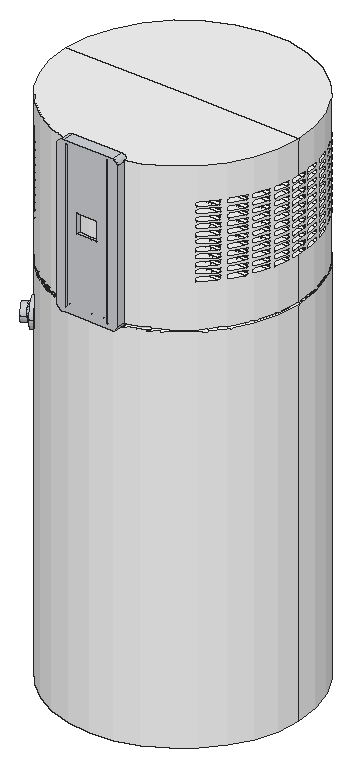
Revit family "STIEBEL ELTRON_WWK 222", category Generic Models, Revit 2022 (continued)
Automatic sketch dimensions
  Revolve 2 sketch curve to Revolve 2 sketch curve = 5.361 mm
  plane 8 to Revolve 2 sketch curve = 14.454 mm
  plane 8 to Revolve 2 sketch curve = 10.526 mm
  plane 1 "Center (Front/Back)" to Revolve 3 sketch curve = 0 mm  (x5)
  Revolve 3 sketch curve to plane 3 "Center (Left/Right)" = 0 mm
  Revolve 3 sketch curve to plane 7 = 0 mm
  Revolve 3 sketch curve to Revolve 3 sketch curve = 17.985 mm
  Revolve 3 sketch curve to Revolve 3 sketch curve = 3.867 mm
  Revolve 3 sketch curve to Revolve 3 sketch curve = 4.521 mm
  Revolve 3 sketch curve to Revolve 3 sketch curve = 9.285 mm
  Revolve 3 sketch curve to Revolve 3 sketch curve = 1.128 mm
  Revolve 3 sketch curve to Revolve 3 sketch curve = 6.623 mm
  Revolve 3 sketch curve to Revolve 3 sketch curve = 13.45 mm
  Revolve 3 sketch curve to Revolve 3 sketch curve = 5.361 mm
  Revolve 3 sketch curve to Revolve 3 sketch curve = 12.525 mm
  Revolve 3 sketch curve to Revolve 3 sketch curve = 5.72 mm
  plane 1 "Center (Front/Back)" to Revolve 4 sketch curve = 0 mm
  Revolve 4 sketch curve to plane 3 "Center (Left/Right)" = 0 mm
  Revolve 4 sketch curve to plane 13 = 9.312 mm
  Revolve 4 sketch curve to plane 3 "Center (Left/Right)" = 79.613 mm
  plane 13 to Revolve 4 sketch curve = 0.763 mm
  Revolve 4 sketch curve to Revolve 4 sketch curve = 3.667 mm
  Revolve 4 sketch curve to Revolve 4 sketch curve = 6.387 mm
  Revolve 4 sketch curve to plane 13 = 2.943 mm
  plane 13 to Revolve 4 sketch curve = 2.87 mm
  Revolve 4 sketch curve to Revolve 4 sketch curve = 6.927 mm
  plane 13 to Revolve 4 sketch curve = 17.463 mm
  Revolve 4 sketch curve to Revolve 4 sketch curve = 5.312 mm
  Revolve 4 sketch curve to plane 13 = 20.806 mm
  Revolve 4 sketch curve to plane 13 = 34.396 mm
  Revolve 4 sketch curve to Revolve 4 sketch curve = 4.946 mm
  Revolve 4 sketch curve to plane 13 = 27.013 mm
  Revolve 4 sketch curve to Revolve 4 sketch curve = 2.259 mm
  plane 1 "Center (Front/Back)" to Revolve 5 sketch curve = 0 mm  (x2)
  Revolve 5 sketch curve to plane 3 "Center (Left/Right)" = 0 mm
  Revolve 5 sketch curve to plane 7 = 0 mm
  Revolve 5 sketch curve to plane 7 = 2.327 mm
  plane 7 to Revolve 5 sketch curve = 8.395 mm
  Revolve 5 sketch curve to Revolve 5 sketch curve = 7.831 mm
  Revolve 5 sketch curve to Revolve 5 sketch curve = 9.562 mm
  Revolve 5 sketch curve to Revolve 5 sketch curve = 15.53 mm
  Revolve 5 sketch curve to Revolve 5 sketch curve = 3.317 mm
  Revolve 5 sketch curve to Revolve 5 sketch curve = 10.836 mm
  Revolve 5 sketch curve to Revolve 5 sketch curve = 14.462 mm
  Revolve 5 sketch curve to Revolve 5 sketch curve = 6.605 mm
  Extrusion 6 sketch curve to plane 5 = 0 mm
  Extrusion 6 sketch curve to plane 3 "Center (Left/Right)" = 0 mm  (x3)
  plane 3 "Center (Left/Right)" to Extrusion 6 sketch curve = 5.686 mm
  plane 3 "Center (Left/Right)" to Extrusion 6 sketch curve = 10 mm
  Extrusion 6 sketch curve to plane 3 "Center (Left/Right)" = 5.686 mm
  Extrusion 6 sketch curve to plane 3 "Center (Left/Right)" = 10 mm
  plane 5 to Extrusion 6 sketch curve = 19.958 mm
  Extrusion 6 sketch curve to Extrusion 6 sketch curve = 15 mm  (x2)
  Extrusion 6 sketch curve to Extrusion 6 sketch curve = 5.728 mm
  plane 3 "Center (Left/Right)" to Extrusion 7 sketch curve = 90 mm
  Extrusion 7 sketch curve to Extrusion 7 sketch curve = 14.269 mm  (x2)
  Extrusion 7 sketch curve to Extrusion 7 sketch curve = 13.43 mm
  Extrusion 7 sketch curve to Extrusion 7 sketch curve = 5 mm  (x2)
  plane 3 "Center (Left/Right)" to Extrusion 7 sketch curve = 30 mm
  Extrusion 7 sketch curve to Extrusion 7 sketch curve = 32.699 mm
  Extrusion 7 sketch curve to Extrusion 7 sketch curve = 7.43 mm  (x2)
  Extrusion 7 sketch curve to plane 5 = 62.5 mm
  Extrusion 7 sketch curve to Extrusion 7 sketch curve = 0 mm
  Extrusion 7 sketch curve to Extrusion 7 sketch curve = 6 mm
  plane 21 to Extrusion 7 sketch curve = 64.641 mm
  Extrusion 7 sketch curve to Extrusion 7 sketch curve = 55 mm
  Extrusion 7 sketch curve to plane 4 = 12.518 mm
  Extrusion 7 sketch curve to Extrusion 7 sketch curve = 6.518 mm
  Extrusion 7 sketch curve to Extrusion 7 sketch curve = 12.518 mm
  Extrusion 8 sketch curve to plane 13 = 98.719 mm
  Extrusion 8 sketch curve to Extrusion 8 sketch curve = 0 mm  (x275)
  Extrusion 8 sketch curve to plane 21 = 10 mm  (x2)
  plane 21 to Extrusion 8 sketch curve = 10 mm  (x4)
  Extrusion 8 sketch curve to Extrusion 8 sketch curve = 5 mm  (x194)
  plane 21 to Extrusion 8 sketch curve = 5 mm  (x5)
  Extrusion 8 sketch curve to Extrusion 8 sketch curve = 36.324 mm  (x12)
  Extrusion 8 sketch curve to plane 21 = 1.667 mm  (x9)
  Extrusion 8 sketch curve to Extrusion 8 sketch curve = 10 mm  (x88)
  Extrusion 8 sketch curve to plane 1 "Center (Front/Back)" = 35.985 mm  (x3)
  plane 1 "Center (Front/Back)" to Extrusion 8 sketch curve = 20.339 mm  (x5)
  plane 17 to Extrusion 8 sketch curve = 28.061 mm  (x3)
  Extrusion 8 sketch curve to plane 17 = 28.263 mm  (x4)
  Extrusion 8 sketch curve to plane 21 = 15 mm  (x2)
  Extrusion 8 sketch curve to plane 8 = 9.587 mm  (x7)
  Extrusion 8 sketch curve to Extrusion 8 sketch curve = 3.333 mm  (x95)
  plane 21 to Extrusion 8 sketch curve = 13.333 mm  (x2)
  Extrusion 8 sketch curve to Extrusion 8 sketch curve = 6.667 mm  (x81)
  Sweep 9 sketch curve to Sweep 9 sketch curve = 0 mm  (x2)
  plane 1 "Center (Front/Back)" to Sweep 9 sketch curve = 0 mm
  Sweep 9 sketch curve to plane 7 = 0 mm
  Sweep 9 sketch curve to plane 3 "Center (Left/Right)" = 0 mm
  Sweep 9 sketch curve to profile plane = 0 mm
  profile plane to Sweep 9 sketch curve = 1462.718 mm
  Sweep 9 sketch curve to Sweep 9 sketch curve = 2.907 mm
  Revolve 1 to Extrusion 10 sketch curve = 25.411 mm  (x2)
  Extrusion 10 sketch curve to Extrusion 10 sketch curve = 20 mm  (x4)
  Extrusion 10 sketch curve to Extrusion 10 sketch curve = 238.798 mm  (x2)
  Extrusion 10 sketch curve to Extrusion 10 sketch curve = 45 mm  (x2)
  Extrusion 10 sketch curve to Extrusion 10 sketch curve = 232.977 mm
  Extrusion 10 sketch curve to Revolve 1 = 19.589 mm  (x2)
  Extrusion 10 sketch curve to Revolve 1 = 258.388 mm
  Revolve 1 to Extrusion 10 sketch curve = 258.388 mm
  Extrusion 11 sketch curve to plane 13 = 98.719 mm
  Extrusion 11 sketch curve to Extrusion 11 sketch curve = 0 mm  (x275)
  Extrusion 11 sketch curve to plane 21 = 10 mm  (x2)
  plane 21 to Extrusion 11 sketch curve = 10 mm  (x3)
  Extrusion 11 sketch curve to Extrusion 11 sketch curve = 5 mm  (x194)
  plane 21 to Extrusion 11 sketch curve = 5 mm  (x8)
  Extrusion 11 sketch curve to Extrusion 11 sketch curve = 36.324 mm  (x12)
  Extrusion 11 sketch curve to plane 21 = 1.667 mm  (x9)
  Extrusion 11 sketch curve to Extrusion 11 sketch curve = 10 mm  (x88)
  Extrusion 11 sketch curve to plane 1 "Center (Front/Back)" = 35.985 mm  (x3)
  plane 1 "Center (Front/Back)" to Extrusion 11 sketch curve = 20.339 mm  (x5)
  plane 17 to Extrusion 11 sketch curve = 28.061 mm  (x3)
  Extrusion 11 sketch curve to plane 17 = 28.263 mm  (x4)
  Extrusion 11 sketch curve to plane 21 = 15 mm  (x2)
  Extrusion 11 sketch curve to plane 8 = 9.587 mm  (x7)
  Extrusion 11 sketch curve to Extrusion 11 sketch curve = 8.333 mm  (x5)
  Extrusion 11 sketch curve to Extrusion 11 sketch curve = 3.333 mm  (x90)
  Extrusion 11 sketch curve to Extrusion 11 sketch curve = 6.667 mm  (x81)
  plane 6 to Revolve 1 sketch curve = 0 mm
  Revolve 1 sketch curve to plane 4 = 0 mm
  radius of Extrusion 6 sketch curve = 5 mm  (x3)
